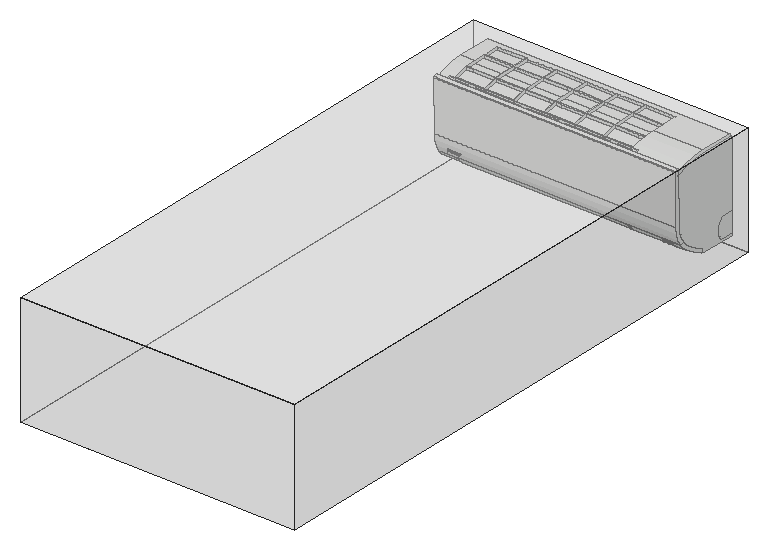
Revit family "outputfile", category 機械設備, Revit 2024 (continued)
Definition of nested family "DAIKIN_indoorunit_FTKF-CV1MW"
  Cuts and joins
    Extrusion 48, Extrusion 50 cuts Extrusion 38
    Extrusion 50 cuts Extrusion 49
    Extrusion 52, Extrusion 54 cuts Extrusion 2
    Extrusion 52, Extrusion 54 cuts Extrusion 6
    Extrusion 54 cuts Extrusion 53
    Extrusion 47 cuts Extrusion 46
  Lines and regions (mm)
    reference lines
      curve 1: line (-523, -203.827, -201.479) -> (-523, -197.847, -215.327)
      curve 2: line (-523, -218.956, -203.806) -> (-523, -217.93, -217.251)
      curve 3: line (-523, -253.284, -206.176) -> (-523, -252.024, -219.601)
  Dimensions and locks
    locked: Extrusion 9 sketch curve to Extrusion 9 sketch curve at 60
    locked: Extrusion 9 sketch curve to Extrusion 9 sketch curve at 50
    locked: Extrusion 11 sketch curve to Extrusion 11 sketch curve at 48.5
    equal spacing: plane 5, plane 3 "Center (Left/Right)", plane 4
    "Width": plane 5 to plane 4
    locked: Extrusion 8 sketch curve to plane 4 at 48
    "WALL HOLE-R": plane 5 to Extrusion 8 sketch curve
    "Height": plane 2 "reference_level" to plane 6
    locked: Extrusion 8 sketch curve to plane 6 at 45  (x2)
    Extrusion 13 to nested 2 = 36.0 mm
    locked: Extrusion 19 sketch curve to Extrusion 19 sketch curve at 60
    locked: Extrusion 20 sketch curve to Extrusion 20 sketch curve at 60
    Extrusion 21 sketch curve to Extrusion 21 sketch curve = 52.0 mm  (x2)
    Extrusion 11 sketch curve to Extrusion 11 sketch curve to plane 3 "Center (Left/Right)" = 60.0 mm locked, 286.0 mm locked
    plane 3 "Center (Left/Right)" to Extrusion 11 sketch curve to Extrusion 11 sketch curve = 259.0 mm locked, 60.0 mm locked
    Extrusion 21 sketch curve to Extrusion 21 sketch curve to plane 3 "Center (Left/Right)" to Extrusion 21 sketch curve to Extrusion 21 sketch curve = 60.0 mm, 309.0 mm, 309.0 mm, 60.0 mm
    Extrusion 42 sketch curve to plane 1 "Center (Front/Back)" = 61.8 mm
    Extrusion 42 sketch curve to Extrusion 42 sketch curve to plane 3 "Center (Left/Right)" to Extrusion 42 sketch curve to Extrusion 42 sketch curve = 73.5 mm locked, 395.5 mm locked, 395.5 mm locked, 73.5 mm locked
    aligned and locked: level to plane 2 "reference_level"
    aligned and locked: Extrusion 11 sketch curve to Extrusion 11 sketch curve  (x2)
    aligned and locked: Extrusion 8 to plane 1 "Center (Front/Back)"
    aligned and locked: nested 2 to curve 2
    aligned and locked: nested 3 to curve 3
    aligned and locked: Extrusion 42 sketch curve to Extrusion 42 sketch curve
  Automatic sketch dimensions
    Extrusion 4 sketch curve to plane 1 "Center (Front/Back)" = 0.0 mm
    plane 1 "Center (Front/Back)" to Extrusion 4 sketch curve = 2.596 mm
    plane 1 "Center (Front/Back)" to Extrusion 4 sketch curve = 22.05 mm
    Extrusion 4 sketch curve to level = 8.0 mm
    Extrusion 4 sketch curve to Extrusion 4 sketch curve = 87.469 mm
    Extrusion 4 sketch curve to Extrusion 4 sketch curve = 23.928 mm
    Extrusion 4 sketch curve to Extrusion 4 sketch curve = 26.307 mm
    Extrusion 4 sketch curve to Extrusion 4 sketch curve = 83.5 mm
    Extrusion 4 sketch curve to level = 28.539 mm
    Extrusion 4 sketch curve to Extrusion 4 sketch curve = 91.44 mm
    Extrusion 4 sketch curve to Extrusion 4 sketch curve = 12.229 mm
    Extrusion 4 sketch curve to Extrusion 4 sketch curve = 32.705 mm
    Extrusion 4 sketch curve to level = 43.491 mm
    Extrusion 4 sketch curve to Extrusion 4 sketch curve = 3.707 mm
    Extrusion 4 sketch curve to Extrusion 4 sketch curve = 52.472 mm
    Extrusion 4 sketch curve to Extrusion 4 sketch curve = 0.0 mm
    plane 1 "Center (Front/Back)" to Extrusion 5 sketch curve = 192.48 mm
    Extrusion 5 sketch curve to Extrusion 5 sketch curve = 11.872 mm
    Extrusion 5 sketch curve to Extrusion 5 sketch curve = 65.26 mm
    Extrusion 5 sketch curve to Extrusion 5 sketch curve = 0.31 mm  (x2)
    Extrusion 5 sketch curve to Extrusion 5 sketch curve = 66.449 mm
    plane 1 "Center (Front/Back)" to Extrusion 5 sketch curve = 22.36 mm
    Extrusion 5 sketch curve to level = 276.027 mm
    Extrusion 5 sketch curve to Extrusion 5 sketch curve = 10.915 mm
    Extrusion 5 sketch curve to Extrusion 5 sketch curve = 42.154 mm
    Extrusion 5 sketch curve to Extrusion 5 sketch curve = 1.37 mm
    Extrusion 5 sketch curve to Extrusion 5 sketch curve = 54.088 mm
    Extrusion 5 sketch curve to Extrusion 5 sketch curve = 0.0 mm  (x2)
    Extrusion 5 sketch curve to level = 43.491 mm
    plane 1 "Center (Front/Back)" to Extrusion 6 sketch curve = 192.48 mm
    Extrusion 6 sketch curve to Extrusion 6 sketch curve = 11.872 mm
    Extrusion 6 sketch curve to Extrusion 6 sketch curve = 65.26 mm
    Extrusion 6 sketch curve to Extrusion 6 sketch curve = 0.31 mm  (x2)
    Extrusion 6 sketch curve to Extrusion 6 sketch curve = 66.449 mm
    plane 1 "Center (Front/Back)" to Extrusion 6 sketch curve = 22.36 mm
    Extrusion 6 sketch curve to level = 276.027 mm
    Extrusion 6 sketch curve to Extrusion 6 sketch curve = 10.915 mm
    Extrusion 6 sketch curve to Extrusion 6 sketch curve = 42.154 mm
    Extrusion 6 sketch curve to Extrusion 6 sketch curve = 1.37 mm
    Extrusion 6 sketch curve to Extrusion 6 sketch curve = 54.088 mm
    Extrusion 6 sketch curve to Extrusion 6 sketch curve = 0.0 mm  (x2)
    Extrusion 6 sketch curve to level = 43.491 mm
    plane 1 "Center (Front/Back)" to Extrusion 7 sketch curve = 72.419 mm
    Extrusion 7 sketch curve to plane 3 "Center (Left/Right)" = 324.633 mm
    Extrusion 7 sketch curve to Extrusion 7 sketch curve = 0.0 mm  (x39)
    plane 1 "Center (Front/Back)" to Extrusion 7 sketch curve = 75.939 mm
    Extrusion 7 sketch curve to Extrusion 7 sketch curve = 20.633 mm  (x2)
    plane 1 "Center (Front/Back)" to Extrusion 7 sketch curve = 74.9 mm
    plane 1 "Center (Front/Back)" to Extrusion 7 sketch curve = 142.3 mm
    Extrusion 7 sketch curve to Extrusion 7 sketch curve = 24.633 mm
    Extrusion 7 sketch curve to Extrusion 7 sketch curve = 69.1 mm
    plane 1 "Center (Front/Back)" to Extrusion 7 sketch curve = 24.5 mm  (x4)
    Extrusion 7 sketch curve to Extrusion 7 sketch curve = 1.4 mm  (x23)
    Extrusion 7 sketch curve to Extrusion 7 sketch curve = 86.6 mm
    Extrusion 7 sketch curve to Extrusion 7 sketch curve = 70.6 mm
    Extrusion 7 sketch curve to Extrusion 7 sketch curve = 20.0 mm  (x4)
    plane 3 "Center (Left/Right)" to Extrusion 7 sketch curve = 36.5 mm  (x2)
    Extrusion 7 sketch curve to Extrusion 7 sketch curve = 87.0 mm
    Extrusion 7 sketch curve to Extrusion 7 sketch curve = 69.717 mm
    Extrusion 7 sketch curve to Extrusion 7 sketch curve = 1.026 mm
    Extrusion 7 sketch curve to Extrusion 7 sketch curve = 38.883 mm
    Extrusion 7 sketch curve to Extrusion 7 sketch curve = 39.104 mm
    Extrusion 7 sketch curve to Extrusion 7 sketch curve = 1.291 mm
    Extrusion 7 sketch curve to Extrusion 7 sketch curve = 1.048 mm  (x5)
    Extrusion 7 sketch curve to Extrusion 7 sketch curve = 41.2 mm
    Extrusion 7 sketch curve to Extrusion 7 sketch curve = 3.496 mm  (x2)
    Extrusion 7 sketch curve to Extrusion 7 sketch curve = 3.508 mm
    Extrusion 7 sketch curve to Extrusion 7 sketch curve = 63.904 mm
    Extrusion 7 sketch curve to Extrusion 7 sketch curve = 66.0 mm
    Extrusion 7 sketch curve to Extrusion 7 sketch curve = 3.386 mm
    Extrusion 9 sketch curve to plane 1 "Center (Front/Back)" = 0.0 mm
    Extrusion 9 sketch curve to Extrusion 9 sketch curve = 20.0 mm  (x2)
    Extrusion 9 sketch curve to level = 273.0 mm
    plane 1 "Center (Front/Back)" to Extrusion 11 sketch curve = 0.0 mm
    Extrusion 11 sketch curve to Extrusion 11 sketch curve = 18.5 mm  (x3)
    Extrusion 11 sketch curve to Extrusion 11 sketch curve = 23.0 mm
    Extrusion 12 sketch curve to level = 0.0 mm
    Extrusion 12 sketch curve to plane 1 "Center (Front/Back)" = 0.0 mm
    plane 1 "Center (Front/Back)" to Extrusion 12 sketch curve = 5.0 mm
    Extrusion 12 sketch curve to plane 1 "Center (Front/Back)" = 14.977 mm
    Extrusion 12 sketch curve to level = 9.02 mm
    Extrusion 12 sketch curve to level = 11.0 mm
    level to Extrusion 12 sketch curve = 9.314 mm
    plane 1 "Center (Front/Back)" to Extrusion 14 sketch curve = 23.5 mm  (x3)
    Extrusion 14 sketch curve to plane 3 "Center (Left/Right)" = 355.499 mm
    Extrusion 14 sketch curve to Extrusion 14 sketch curve = 0.0 mm  (x34)
    Extrusion 14 sketch curve to Extrusion 14 sketch curve = 101.5 mm
    Extrusion 14 sketch curve to Extrusion 14 sketch curve = 2.6 mm  (x8)
    Extrusion 14 sketch curve to Extrusion 14 sketch curve = 99.5 mm  (x2)
    Extrusion 14 sketch curve to plane 3 "Center (Left/Right)" = 54.549 mm
    Extrusion 14 sketch curve to Extrusion 14 sketch curve = 12.0 mm  (x7)
    plane 3 "Center (Left/Right)" to Extrusion 14 sketch curve = 52.301 mm  (x2)
    Extrusion 14 sketch curve to Extrusion 14 sketch curve = 73.2 mm  (x2)
    Extrusion 14 sketch curve to Extrusion 14 sketch curve = 2.4 mm  (x6)
    Extrusion 14 sketch curve to Extrusion 14 sketch curve = 71.0 mm  (x3)
    Extrusion 14 sketch curve to Extrusion 14 sketch curve = 1.6 mm  (x6)
    Extrusion 14 sketch curve to Extrusion 14 sketch curve = 30.0 mm  (x3)
    plane 1 "Center (Front/Back)" to Extrusion 15 sketch curve = 194.856 mm
    Extrusion 15 sketch curve to Extrusion 15 sketch curve = 9.074 mm
    Extrusion 15 sketch curve to Extrusion 15 sketch curve = 86.508 mm
    level to Extrusion 15 sketch curve = 11.72 mm
    plane 1 "Center (Front/Back)" to Extrusion 15 sketch curve = 52.895 mm
    Extrusion 15 sketch curve to Extrusion 15 sketch curve = 0.004 mm
    Extrusion 15 sketch curve to Extrusion 15 sketch curve = 0.033 mm
    Extrusion 15 sketch curve to level = 244.604 mm
    Extrusion 15 sketch curve to Extrusion 15 sketch curve = 7.382 mm
    plane 1 "Center (Front/Back)" to Extrusion 16 sketch curve = 194.856 mm
    Extrusion 16 sketch curve to Extrusion 16 sketch curve = 9.074 mm
    Extrusion 16 sketch curve to Extrusion 16 sketch curve = 86.508 mm
    level to Extrusion 16 sketch curve = 11.72 mm
    plane 1 "Center (Front/Back)" to Extrusion 16 sketch curve = 52.895 mm
    Extrusion 16 sketch curve to Extrusion 16 sketch curve = 0.004 mm
    Extrusion 16 sketch curve to level = 244.604 mm
    Extrusion 16 sketch curve to Extrusion 16 sketch curve = 7.382 mm
    Extrusion 16 sketch curve to Extrusion 16 sketch curve = 10.901 mm
    plane 1 "Center (Front/Back)" to Extrusion 17 sketch curve = 194.856 mm
    Extrusion 17 sketch curve to Extrusion 17 sketch curve = 9.074 mm
    Extrusion 17 sketch curve to Extrusion 17 sketch curve = 86.508 mm
    level to Extrusion 17 sketch curve = 11.72 mm
    plane 1 "Center (Front/Back)" to Extrusion 17 sketch curve = 52.895 mm
    Extrusion 17 sketch curve to Extrusion 17 sketch curve = 0.004 mm
    Extrusion 17 sketch curve to level = 244.604 mm
    Extrusion 17 sketch curve to Extrusion 17 sketch curve = 7.382 mm
    Extrusion 17 sketch curve to Extrusion 17 sketch curve = 10.901 mm
    Extrusion 19 sketch curve to plane 1 "Center (Front/Back)" = 0.0 mm
    Extrusion 19 sketch curve to Extrusion 19 sketch curve = 32.8 mm
    plane 1 "Center (Front/Back)" to Extrusion 19 sketch curve = 32.8 mm
    Extrusion 19 sketch curve to Extrusion 19 sketch curve = 19.2 mm
    Extrusion 19 sketch curve to level = 269.6 mm
    Extrusion 20 sketch curve to plane 1 "Center (Front/Back)" = 0.0 mm
    Extrusion 20 sketch curve to Extrusion 20 sketch curve = 32.8 mm  (x2)
    Extrusion 20 sketch curve to Extrusion 20 sketch curve = 19.2 mm
    Extrusion 20 sketch curve to level = 269.6 mm
    plane 1 "Center (Front/Back)" to Extrusion 21 sketch curve = 0.0 mm  (x2)
    Extrusion 21 sketch curve to Extrusion 21 sketch curve = 20.0 mm  (x4)
    Extrusion 22 sketch curve to plane 3 "Center (Left/Right)" = 339.0 mm
    plane 3 "Center (Left/Right)" to Extrusion 22 sketch curve = 231.0 mm
    plane 1 "Center (Front/Back)" to Extrusion 22 sketch curve = 202.769 mm
    Extrusion 22 sketch curve to Extrusion 22 sketch curve = 17.012 mm
    Extrusion 23 sketch curve to plane 3 "Center (Left/Right)" = 339.0 mm
    Extrusion 23 sketch curve to Extrusion 23 sketch curve = 15.0 mm  (x2)
    plane 3 "Center (Left/Right)" to Extrusion 23 sketch curve = 216.0 mm
    plane 1 "Center (Front/Back)" to Extrusion 23 sketch curve = 202.757 mm  (x2)
    Extrusion 23 sketch curve to Extrusion 23 sketch curve = 17.0 mm  (x2)
    Extrusion 24 sketch curve to plane 3 "Center (Left/Right)" = 324.0 mm
    Extrusion 24 sketch curve to Extrusion 24 sketch curve = 43.629 mm
    Extrusion 24 sketch curve to Extrusion 24 sketch curve = 1.5 mm  (x9)
    Extrusion 24 sketch curve to Extrusion 24 sketch curve = 21.542 mm  (x3)
    Extrusion 24 sketch curve to plane 3 "Center (Left/Right)" = 123.621 mm
    Extrusion 24 sketch curve to plane 3 "Center (Left/Right)" = 9.121 mm
    plane 3 "Center (Left/Right)" to Extrusion 24 sketch curve = 13.921 mm
    Extrusion 24 sketch curve to Extrusion 24 sketch curve = 132.208 mm
    Extrusion 24 sketch curve to Extrusion 24 sketch curve = 43.829 mm
    plane 1 "Center (Front/Back)" to Extrusion 24 sketch curve = 202.757 mm
    plane 1 "Center (Front/Back)" to Extrusion 24 sketch curve = 195.757 mm
    Extrusion 24 sketch curve to Extrusion 24 sketch curve = 7.0 mm  (x2)
    Extrusion 24 sketch curve to Extrusion 24 sketch curve = 3.5 mm  (x4)
    Extrusion 24 sketch curve to Extrusion 24 sketch curve = 12.0 mm
    Extrusion 26 sketch curve to plane 3 "Center (Left/Right)" = 373.412 mm
    Extrusion 26 sketch curve to Extrusion 26 sketch curve = 1.011 mm
    Extrusion 26 sketch curve to Extrusion 26 sketch curve = 15.228 mm
    Extrusion 26 sketch curve to Extrusion 26 sketch curve = 0.132 mm
    plane 3 "Center (Left/Right)" to Extrusion 26 sketch curve = 259.015 mm
    Extrusion 26 sketch curve to Extrusion 26 sketch curve = 0.133 mm
    Extrusion 26 sketch curve to Extrusion 26 sketch curve = 15.197 mm
    Extrusion 26 sketch curve to Extrusion 26 sketch curve = 16.358 mm
    plane 1 "Center (Front/Back)" to Extrusion 26 sketch curve = 238.673 mm
    Extrusion 26 sketch curve to Extrusion 26 sketch curve = 34.983 mm
    Extrusion 26 sketch curve to Extrusion 26 sketch curve = 3.79 mm  (x2)
    plane 3 "Center (Left/Right)" to Extrusion 26 sketch curve = 247.689 mm
    plane 1 "Center (Front/Back)" to Extrusion 26 sketch curve = 58.091 mm
    Extrusion 27 sketch curve to plane 3 "Center (Left/Right)" = 373.099 mm
    Extrusion 27 sketch curve to Extrusion 27 sketch curve = 0.698 mm
    Extrusion 27 sketch curve to Extrusion 27 sketch curve = 15.228 mm
    Extrusion 27 sketch curve to Extrusion 27 sketch curve = 0.132 mm
    Extrusion 27 sketch curve to Extrusion 27 sketch curve = 1.99 mm
    plane 3 "Center (Left/Right)" to Extrusion 27 sketch curve = 257.001 mm
    Extrusion 27 sketch curve to Extrusion 27 sketch curve = 2.014 mm
    Extrusion 27 sketch curve to Extrusion 27 sketch curve = 0.133 mm
    Extrusion 27 sketch curve to Extrusion 27 sketch curve = 15.196 mm
    Extrusion 27 sketch curve to Extrusion 27 sketch curve = 18.053 mm
    plane 1 "Center (Front/Back)" to Extrusion 27 sketch curve = 226.673 mm  (x2)
    Extrusion 27 sketch curve to Extrusion 27 sketch curve = 22.983 mm  (x2)
    Extrusion 27 sketch curve to Extrusion 27 sketch curve = 3.79 mm  (x2)
    Extrusion 28 sketch curve to plane 3 "Center (Left/Right)" = 355.05 mm
    plane 3 "Center (Left/Right)" to Extrusion 28 sketch curve = 257.001 mm
    plane 1 "Center (Front/Back)" to Extrusion 28 sketch curve = 226.673 mm
    Extrusion 28 sketch curve to Extrusion 28 sketch curve = 22.983 mm
    Extrusion 29 sketch curve to level = 0.0 mm
    Extrusion 29 sketch curve to level = 30.0 mm
    plane 1 "Center (Front/Back)" to Extrusion 29 sketch curve = 238.673 mm
    Extrusion 29 sketch curve to Extrusion 29 sketch curve = 38.773 mm
    Extrusion 29 sketch curve to Extrusion 29 sketch curve = 0.0 mm  (x2)
    plane 1 "Center (Front/Back)" to Extrusion 29 sketch curve = 45.84 mm
    Extrusion 29 sketch curve to plane 1 "Center (Front/Back)" = 14.977 mm
    Extrusion 29 sketch curve to Extrusion 29 sketch curve = 994.66 mm
    Extrusion 29 sketch curve to Extrusion 29 sketch curve = 0.163 mm
    Extrusion 29 sketch curve to Extrusion 29 sketch curve = 7.224 mm
    Extrusion 29 sketch curve to level = 11.646 mm
    level to Extrusion 29 sketch curve = 9.314 mm
    Extrusion 29 sketch curve to Extrusion 29 sketch curve = 13.398 mm
    Extrusion 30 sketch curve to Extrusion 30 sketch curve = 0.0 mm  (x2)
    plane 1 "Center (Front/Back)" to Extrusion 30 sketch curve = 189.887 mm
    Extrusion 30 sketch curve to Extrusion 30 sketch curve = 11.307 mm
    Extrusion 30 sketch curve to Extrusion 30 sketch curve = 46.464 mm
    Extrusion 30 sketch curve to Extrusion 30 sketch curve = 21.724 mm
    Extrusion 30 sketch curve to level = 277.1 mm
    Extrusion 30 sketch curve to Extrusion 30 sketch curve = 22.499 mm
    Extrusion 31 sketch curve to Extrusion 31 sketch curve = 0.0 mm  (x2)
    plane 1 "Center (Front/Back)" to Extrusion 31 sketch curve = 189.887 mm
    Extrusion 31 sketch curve to Extrusion 31 sketch curve = 11.307 mm
    Extrusion 31 sketch curve to Extrusion 31 sketch curve = 46.464 mm
    Extrusion 31 sketch curve to Extrusion 31 sketch curve = 21.724 mm
    Extrusion 31 sketch curve to level = 277.1 mm
    Extrusion 31 sketch curve to Extrusion 31 sketch curve = 22.499 mm
    Extrusion 32 sketch curve to Extrusion 32 sketch curve = 0.0 mm  (x2)
    plane 1 "Center (Front/Back)" to Extrusion 32 sketch curve = 185.929 mm
    Extrusion 32 sketch curve to Extrusion 32 sketch curve = 6.899 mm
    Extrusion 32 sketch curve to Extrusion 32 sketch curve = 9.219 mm
    Extrusion 32 sketch curve to Extrusion 32 sketch curve = 7.915 mm
    Extrusion 32 sketch curve to level = 264.005 mm
    Extrusion 32 sketch curve to Extrusion 32 sketch curve = 7.405 mm
    Extrusion 33 sketch curve to Extrusion 33 sketch curve = 0.0 mm  (x2)
    plane 1 "Center (Front/Back)" to Extrusion 33 sketch curve = 185.929 mm
    Extrusion 33 sketch curve to Extrusion 33 sketch curve = 6.899 mm
    Extrusion 33 sketch curve to Extrusion 33 sketch curve = 9.219 mm
    Extrusion 33 sketch curve to Extrusion 33 sketch curve = 7.915 mm
    Extrusion 33 sketch curve to level = 264.005 mm
    Extrusion 33 sketch curve to Extrusion 33 sketch curve = 7.405 mm
    plane 1 "Center (Front/Back)" to Extrusion 36 sketch curve = 233.849 mm
    Extrusion 36 sketch curve to Extrusion 36 sketch curve = 11.574 mm
    Extrusion 36 sketch curve to Extrusion 36 sketch curve = 106.825 mm
    Extrusion 36 sketch curve to Extrusion 36 sketch curve = 0.0 mm
    level to Extrusion 36 sketch curve = 3.941 mm
    plane 1 "Center (Front/Back)" to Extrusion 36 sketch curve = 90.201 mm
    Extrusion 36 sketch curve to Extrusion 36 sketch curve = 0.002 mm
    Extrusion 36 sketch curve to Extrusion 36 sketch curve = 0.776 mm
    Extrusion 36 sketch curve to level = 250.06 mm
    Extrusion 36 sketch curve to Extrusion 36 sketch curve = 9.301 mm
    Extrusion 36 sketch curve to Extrusion 36 sketch curve = 31.169 mm
    Extrusion 36 sketch curve to Extrusion 36 sketch curve = 13.702 mm
    Extrusion 36 sketch curve to Extrusion 36 sketch curve = 27.641 mm
    plane 1 "Center (Front/Back)" to Extrusion 37 sketch curve = 233.849 mm
    Extrusion 37 sketch curve to Extrusion 37 sketch curve = 11.574 mm
    Extrusion 37 sketch curve to Extrusion 37 sketch curve = 106.825 mm
    Extrusion 37 sketch curve to Extrusion 37 sketch curve = 0.0 mm
    level to Extrusion 37 sketch curve = 3.941 mm
    plane 1 "Center (Front/Back)" to Extrusion 37 sketch curve = 90.201 mm
    Extrusion 37 sketch curve to Extrusion 37 sketch curve = 0.002 mm
    Extrusion 37 sketch curve to Extrusion 37 sketch curve = 0.776 mm
    Extrusion 37 sketch curve to level = 250.06 mm
    Extrusion 37 sketch curve to Extrusion 37 sketch curve = 9.301 mm
    Extrusion 37 sketch curve to Extrusion 37 sketch curve = 31.169 mm
    Extrusion 37 sketch curve to Extrusion 37 sketch curve = 13.702 mm
    Extrusion 37 sketch curve to Extrusion 37 sketch curve = 27.641 mm
    plane 1 "Center (Front/Back)" to Extrusion 38 sketch curve = 233.849 mm
    Extrusion 38 sketch curve to Extrusion 38 sketch curve = 11.574 mm
    Extrusion 38 sketch curve to Extrusion 38 sketch curve = 106.825 mm
    Extrusion 38 sketch curve to Extrusion 38 sketch curve = 0.0 mm
    level to Extrusion 38 sketch curve = 3.941 mm
    plane 1 "Center (Front/Back)" to Extrusion 38 sketch curve = 90.201 mm
    Extrusion 38 sketch curve to Extrusion 38 sketch curve = 0.002 mm
    Extrusion 38 sketch curve to Extrusion 38 sketch curve = 0.776 mm
    Extrusion 38 sketch curve to level = 250.06 mm
    Extrusion 38 sketch curve to Extrusion 38 sketch curve = 9.301 mm
    Extrusion 38 sketch curve to Extrusion 38 sketch curve = 31.169 mm
    Extrusion 38 sketch curve to Extrusion 38 sketch curve = 13.702 mm
    Extrusion 38 sketch curve to Extrusion 38 sketch curve = 27.641 mm
    Extrusion 40 sketch curve to plane 1 "Center (Front/Back)" = 0.0 mm
    plane 1 "Center (Front/Back)" to Extrusion 40 sketch curve = 41.8 mm
    Extrusion 40 sketch curve to Extrusion 40 sketch curve = 0.0 mm  (x2)
    Extrusion 40 sketch curve to Extrusion 40 sketch curve = 20.0 mm
    Extrusion 40 sketch curve to level = 275.5 mm
    Extrusion 40 sketch curve to Extrusion 40 sketch curve = 33.5 mm
    Extrusion 41 sketch curve to plane 1 "Center (Front/Back)" = 0.0 mm
    plane 1 "Center (Front/Back)" to Extrusion 41 sketch curve = 41.8 mm
    Extrusion 41 sketch curve to Extrusion 41 sketch curve = 0.0 mm
    Extrusion 41 sketch curve to Extrusion 41 sketch curve = 20.0 mm
    Extrusion 41 sketch curve to level = 202.0 mm
    Extrusion 41 sketch curve to Extrusion 41 sketch curve = 33.5 mm
    plane 1 "Center (Front/Back)" to Extrusion 42 sketch curve = 0.0 mm  (x2)
    Extrusion 42 sketch curve to Extrusion 42 sketch curve = 20.0 mm  (x4)
    plane 3 "Center (Left/Right)" to Extrusion 44 sketch curve = 380.0 mm
    Extrusion 46 sketch curve to plane 3 "Center (Left/Right)" = 466.5 mm
    plane 3 "Center (Left/Right)" to Extrusion 46 sketch curve = 366.0 mm
    plane 1 "Center (Front/Back)" to Extrusion 46 sketch curve = 264.436 mm
    Extrusion 46 sketch curve to Extrusion 46 sketch curve = 25.436 mm
    Extrusion 47 sketch curve to level = 33.272 mm
    Extrusion 47 sketch curve to level = 22.853 mm
    level to Extrusion 47 sketch curve = 5.0 mm
    Extrusion 48 sketch curve to Extrusion 48 sketch curve = 20.148 mm
    Extrusion 48 sketch curve to Extrusion 48 sketch curve = 44.745 mm
    Extrusion 48 sketch curve to Extrusion 48 sketch curve = 22.502 mm
    level to Extrusion 48 sketch curve = 6.546 mm
    plane 1 "Center (Front/Back)" to Extrusion 48 sketch curve = 89.423 mm
    Extrusion 48 sketch curve to Extrusion 48 sketch curve = 0.0 mm  (x2)
    Extrusion 48 sketch curve to Extrusion 48 sketch curve = 11.127 mm
    Extrusion 49 sketch curve to Extrusion 49 sketch curve = 0.0 mm  (x2)
    level to Extrusion 49 sketch curve = 6.546 mm
    plane 1 "Center (Front/Back)" to Extrusion 49 sketch curve = 89.423 mm
    Extrusion 49 sketch curve to level = 261.498 mm
    Extrusion 49 sketch curve to Extrusion 49 sketch curve = 11.127 mm
    Extrusion 49 sketch curve to Extrusion 49 sketch curve = 64.893 mm
    Extrusion 49 sketch curve to Extrusion 49 sketch curve = 20.148 mm
    Extrusion 50 sketch curve to Extrusion 50 sketch curve = 8.97 mm
    Extrusion 50 sketch curve to Extrusion 50 sketch curve = 7.404 mm
    level to Extrusion 50 sketch curve = 6.546 mm
    Extrusion 50 sketch curve to Extrusion 50 sketch curve = 6.785 mm
    Extrusion 50 sketch curve to Extrusion 50 sketch curve = 7.726 mm
    Extrusion 50 sketch curve to Extrusion 50 sketch curve = 0.0 mm  (x2)
    plane 1 "Center (Front/Back)" to Extrusion 50 sketch curve = 89.423 mm
    Extrusion 51 sketch curve to Extrusion 51 sketch curve = 0.0 mm  (x2)
    level to Extrusion 51 sketch curve = 6.546 mm
    plane 1 "Center (Front/Back)" to Extrusion 51 sketch curve = 89.423 mm
    Extrusion 51 sketch curve to level = 263.5 mm
    Extrusion 51 sketch curve to Extrusion 51 sketch curve = 6.785 mm
    Extrusion 51 sketch curve to Extrusion 51 sketch curve = 16.697 mm
    Extrusion 51 sketch curve to Extrusion 51 sketch curve = 7.726 mm
    Extrusion 10 sketch curve to plane 1 "Center (Front/Back)" = 0.0 mm
    plane 1 "Center (Front/Back)" to Extrusion 10 sketch curve = 30.0 mm
    Extrusion 10 sketch curve to Extrusion 10 sketch curve = 0.0 mm
    Extrusion 10 sketch curve to Extrusion 10 sketch curve = 20.0 mm  (x2)
    Extrusion 10 sketch curve to level = 273.0 mm
    Extrusion 3 sketch curve to level = 13.692 mm
    plane 1 "Center (Front/Back)" to Extrusion 3 sketch curve = 211.618 mm
    Extrusion 3 sketch curve to Extrusion 3 sketch curve = 0.618 mm
    Extrusion 3 sketch curve to Extrusion 3 sketch curve = 1.902 mm
    Extrusion 3 sketch curve to Extrusion 3 sketch curve = 2.0 mm
    Extrusion 3 sketch curve to level = 10.816 mm
    Extrusion 3 sketch curve to Extrusion 3 sketch curve = 8.849 mm
    Extrusion 3 sketch curve to Extrusion 3 sketch curve = 2.652 mm
    Extrusion 3 sketch curve to Extrusion 3 sketch curve = 151.871 mm
    Extrusion 3 sketch curve to Extrusion 3 sketch curve = 95.0 mm
    Extrusion 3 sketch curve to Extrusion 3 sketch curve = 10.31 mm
    Extrusion 3 sketch curve to Extrusion 3 sketch curve = 6.572 mm
    Extrusion 3 sketch curve to Extrusion 3 sketch curve = 0.097 mm
    Extrusion 3 sketch curve to Extrusion 3 sketch curve = 0.31 mm
    Extrusion 3 sketch curve to Extrusion 3 sketch curve = 11.812 mm
    plane 1 "Center (Front/Back)" to Extrusion 2 sketch curve = 115.348 mm
    plane 1 "Center (Front/Back)" to Extrusion 2 sketch curve = 22.36 mm
    Extrusion 2 sketch curve to level = 167.5 mm
    Extrusion 2 sketch curve to level = 43.491 mm
    Extrusion 2 sketch curve to Extrusion 2 sketch curve = 1.189 mm
    Extrusion 2 sketch curve to Extrusion 2 sketch curve = 58.182 mm
    Extrusion 2 sketch curve to Extrusion 2 sketch curve = 0.0 mm  (x4)
    Extrusion 2 sketch curve to Extrusion 2 sketch curve = 20.14 mm
    Extrusion 2 sketch curve to Extrusion 2 sketch curve = 0.31 mm  (x2)
    Extrusion 2 sketch curve to Extrusion 2 sketch curve = 11.872 mm
    Extrusion 2 sketch curve to Extrusion 2 sketch curve = 6.31 mm
    Extrusion 52 sketch curve to Extrusion 52 sketch curve = 0.0 mm  (x5)
    Extrusion 52 sketch curve to Extrusion 52 sketch curve = 52.75 mm
    plane 1 "Center (Front/Back)" to Extrusion 52 sketch curve = 22.36 mm
    Extrusion 52 sketch curve to Extrusion 52 sketch curve = 35.994 mm
    Extrusion 52 sketch curve to Extrusion 52 sketch curve = 64.506 mm
    Extrusion 52 sketch curve to level = 43.491 mm
    Extrusion 52 sketch curve to Extrusion 52 sketch curve = 6.981 mm
    Extrusion 52 sketch curve to Extrusion 52 sketch curve = 5.769 mm
    Extrusion 52 sketch curve to Extrusion 52 sketch curve = 3.0 mm
    Extrusion 52 sketch curve to Extrusion 52 sketch curve = 11.895 mm
    plane 1 "Center (Front/Back)" to Extrusion 53 sketch curve = 22.36 mm
    Extrusion 53 sketch curve to level = 43.491 mm
    Extrusion 53 sketch curve to Extrusion 53 sketch curve = 5.097 mm
    Extrusion 53 sketch curve to Extrusion 53 sketch curve = 48.896 mm
    Extrusion 53 sketch curve to Extrusion 53 sketch curve = 0.0 mm  (x6)
    Extrusion 53 sketch curve to Extrusion 53 sketch curve = 8.769 mm
    Extrusion 53 sketch curve to Extrusion 53 sketch curve = 11.895 mm
    Extrusion 53 sketch curve to Extrusion 53 sketch curve = 6.981 mm
    Extrusion 53 sketch curve to Extrusion 53 sketch curve = 3.0 mm
    Extrusion 54 sketch curve to Extrusion 54 sketch curve = 0.0 mm  (x6)
    Extrusion 54 sketch curve to Extrusion 54 sketch curve = 9.206 mm
    Extrusion 54 sketch curve to Extrusion 54 sketch curve = 61.422 mm
    plane 1 "Center (Front/Back)" to Extrusion 54 sketch curve = 22.36 mm
    Extrusion 54 sketch curve to Extrusion 54 sketch curve = 11.007 mm
    Extrusion 54 sketch curve to level = 43.491 mm
    Extrusion 54 sketch curve to Extrusion 54 sketch curve = 4.409 mm
    Extrusion 54 sketch curve to Extrusion 54 sketch curve = 1.8 mm
    Extrusion 54 sketch curve to Extrusion 54 sketch curve = 5.228 mm
    Extrusion 55 sketch curve to Extrusion 55 sketch curve = 61.422 mm
    Extrusion 55 sketch curve to level = 235.993 mm
    Extrusion 55 sketch curve to Extrusion 55 sketch curve = 4.409 mm
    Extrusion 55 sketch curve to Extrusion 55 sketch curve = 6.229 mm
    plane 1 "Center (Front/Back)" to Extrusion 55 sketch curve = 22.36 mm
    Extrusion 55 sketch curve to Extrusion 55 sketch curve = 0.0 mm  (x6)
    Extrusion 55 sketch curve to Extrusion 55 sketch curve = 8.205 mm
    Extrusion 55 sketch curve to Extrusion 55 sketch curve = 5.228 mm
    Extrusion 55 sketch curve to Extrusion 55 sketch curve = 1.8 mm
    Extrusion 25 sketch curve to Extrusion 25 sketch curve = 0.0 mm  (x4)
    Extrusion 25 sketch curve to level = 0.0 mm
    Extrusion 25 sketch curve to level = 35.0 mm
    plane 1 "Center (Front/Back)" to Extrusion 25 sketch curve = 205.202 mm
    Extrusion 25 sketch curve to Extrusion 25 sketch curve = 19.445 mm
    plane 1 "Center (Front/Back)" to Extrusion 25 sketch curve = 104.232 mm
    Extrusion 25 sketch curve to Extrusion 25 sketch curve = 209.941 mm
    Extrusion 25 sketch curve to Extrusion 25 sketch curve = 4.474 mm
    Extrusion 25 sketch curve to Extrusion 25 sketch curve = 8.811 mm
    Extrusion 12 sketch curve to Extrusion 12 sketch curve = 1.396 mm
    plane 1 "Center (Front/Back)" to Extrusion 12 sketch curve = 45.84 mm
    Extrusion 12 sketch curve to Extrusion 12 sketch curve = 0.0 mm
    Extrusion 12 sketch curve to Extrusion 12 sketch curve = 0.163 mm
    Extrusion 12 sketch curve to level = 26.758 mm
    Extrusion 18 sketch curve to plane 1 "Center (Front/Back)" = 0.0 mm
    level to Extrusion 18 sketch curve = 4.099 mm
    Extrusion 18 sketch curve to Extrusion 18 sketch curve = 0.857 mm
    Extrusion 18 sketch curve to Extrusion 18 sketch curve = 6.16 mm
    Extrusion 18 sketch curve to Extrusion 18 sketch curve = 46.473 mm
    Extrusion 18 sketch curve to Extrusion 18 sketch curve = 0.052 mm
    Extrusion 18 sketch curve to Extrusion 18 sketch curve = 69.066 mm
    Extrusion 18 sketch curve to Extrusion 18 sketch curve = 29.316 mm
    Extrusion 18 sketch curve to level = 26.762 mm
    Extrusion 18 sketch curve to Extrusion 18 sketch curve = 178.061 mm
    Extrusion 18 sketch curve to Extrusion 18 sketch curve = 4.015 mm
    Extrusion 18 sketch curve to Extrusion 18 sketch curve = 52.325 mm
    Extrusion 18 sketch curve to Extrusion 18 sketch curve = 11.703 mm
    Extrusion 18 sketch curve to Extrusion 18 sketch curve = 3.729 mm
    Extrusion 18 sketch curve to Extrusion 18 sketch curve = 7.779 mm
    Extrusion 18 sketch curve to level = 11.0 mm
    plane 1 "Center (Front/Back)" to Extrusion 18 sketch curve = 45.84 mm
    Extrusion 13 sketch curve to level = 15.416 mm
    plane 1 "Center (Front/Back)" to Extrusion 13 sketch curve = 197.648 mm
    Extrusion 13 sketch curve to Extrusion 13 sketch curve = 21.851 mm
    Extrusion 13 sketch curve to Extrusion 13 sketch curve = 8.255 mm
    plane 1 "Center (Front/Back)" to Extrusion 13 sketch curve = 46.245 mm
    Extrusion 13 sketch curve to Extrusion 13 sketch curve = 6.169 mm
    Extrusion 13 sketch curve to Extrusion 13 sketch curve = 10.292 mm
    Extrusion 13 sketch curve to Extrusion 13 sketch curve = 0.363 mm
    Extrusion 13 sketch curve to Extrusion 13 sketch curve = 1.994 mm
    Extrusion 13 sketch curve to Extrusion 13 sketch curve = 5.69 mm
    Extrusion 13 sketch curve to Extrusion 13 sketch curve = 20.433 mm
    Extrusion 13 sketch curve to Extrusion 13 sketch curve = 0.0 mm  (x3)
    Extrusion 13 sketch curve to Extrusion 13 sketch curve = 1.84 mm
    Extrusion 13 sketch curve to Extrusion 13 sketch curve = 9.251 mm
    Extrusion 13 sketch curve to Extrusion 13 sketch curve = 6.958 mm
    Extrusion 13 sketch curve to Extrusion 13 sketch curve = 0.157 mm
    Extrusion 13 sketch curve to level = 12.416 mm
    Extrusion 13 sketch curve to Extrusion 13 sketch curve = 201.658 mm
    Extrusion 34 sketch curve to plane 1 "Center (Front/Back)" = 0.0 mm
    Extrusion 34 sketch curve to level = 9.411 mm
    level to Extrusion 34 sketch curve = 0.0 mm
    plane 1 "Center (Front/Back)" to Extrusion 34 sketch curve = 5.217 mm
    Extrusion 34 sketch curve to Extrusion 34 sketch curve = 1.455 mm
    Extrusion 34 sketch curve to level = 10.748 mm
    Extrusion 34 sketch curve to Extrusion 34 sketch curve = 76.023 mm
    Extrusion 34 sketch curve to Extrusion 34 sketch curve = 0.06 mm
    Extrusion 34 sketch curve to level = 288.701 mm
    Extrusion 34 sketch curve to level = 18.596 mm
    Extrusion 34 sketch curve to Extrusion 34 sketch curve = 1.224 mm
    Extrusion 34 sketch curve to Extrusion 34 sketch curve = 3.693 mm
    Extrusion 34 sketch curve to level = 29.099 mm
    Extrusion 34 sketch curve to Extrusion 34 sketch curve = 1.436 mm
    Extrusion 35 sketch curve to plane 1 "Center (Front/Back)" = 0.0 mm
    plane 1 "Center (Front/Back)" to Extrusion 35 sketch curve = 61.8 mm
    Extrusion 35 sketch curve to level = 11.0 mm
    plane 1 "Center (Front/Back)" to Extrusion 35 sketch curve = 61.32 mm
    Extrusion 35 sketch curve to Extrusion 35 sketch curve = 52.85 mm
    Extrusion 35 sketch curve to Extrusion 35 sketch curve = 286.0 mm
    Extrusion 35 sketch curve to Extrusion 35 sketch curve = 2.004 mm
    Extrusion 35 sketch curve to Extrusion 35 sketch curve = 14.501 mm
    plane 1 "Center (Front/Back)" to Extrusion 35 sketch curve = 82.524 mm
    Extrusion 35 sketch curve to level = 29.099 mm
    Extrusion 35 sketch curve to level = 222.656 mm
    Extrusion 35 sketch curve to Extrusion 35 sketch curve = 43.948 mm
    Extrusion 35 sketch curve to Extrusion 35 sketch curve = 6.011 mm
    Extrusion 35 sketch curve to Extrusion 35 sketch curve = 14.16 mm
    level to Extrusion 35 sketch curve = 3.956 mm
    Extrusion 35 sketch curve to Extrusion 35 sketch curve = 28.88 mm
    Extrusion 35 sketch curve to Extrusion 35 sketch curve = 602.782 mm
    plane 1 "Center (Front/Back)" to Extrusion 39 sketch curve = 234.424 mm
    level to Extrusion 39 sketch curve = 23.59 mm
    plane 1 "Center (Front/Back)" to Extrusion 39 sketch curve = 83.906 mm
    Extrusion 39 sketch curve to level = 258.8 mm
    Extrusion 39 sketch curve to Extrusion 39 sketch curve = 14.508 mm
    Extrusion 39 sketch curve to Extrusion 39 sketch curve = 11.757 mm
    Extrusion 39 sketch curve to Extrusion 39 sketch curve = 9.554 mm
    Extrusion 39 sketch curve to Extrusion 39 sketch curve = 13.936 mm
    Extrusion 39 sketch curve to Extrusion 39 sketch curve = 26.899 mm
    Extrusion 39 sketch curve to Extrusion 39 sketch curve = 6.12 mm
    Extrusion 39 sketch curve to level = 18.854 mm
    Extrusion 39 sketch curve to level = 21.943 mm
    Extrusion 39 sketch curve to Extrusion 39 sketch curve = 7.064 mm
    plane 1 "Center (Front/Back)" to Extrusion 39 sketch curve = 81.184 mm
    Extrusion 39 sketch curve to Extrusion 39 sketch curve = 3.033 mm
    Extrusion 39 sketch curve to Extrusion 39 sketch curve = 0.318 mm
    Extrusion 39 sketch curve to Extrusion 39 sketch curve = 0.0 mm
    Extrusion 39 sketch curve to Extrusion 39 sketch curve = 1.499 mm
    curve 3 to level = 219.601 mm
    plane 1 "Center (Front/Back)" to curve 1 = 197.847 mm
    curve 3 to curve 2 = 2.35 mm
    curve 2 to curve 1 = 1.924 mm
    curve 3 to curve 3 = 13.425 mm
    curve 2 to curve 2 = 13.445 mm
    curve 1 to curve 1 = 13.848 mm
    curve 1 to curve 1 = 5.98 mm
    curve 1 to curve 2 = 20.083 mm
    curve 2 to curve 2 = 1.025 mm
    curve 2 to curve 3 = 34.094 mm
    curve 3 to curve 3 = 1.26 mm
    plane 1 "Center (Front/Back)" to Extrusion 43 sketch curve = 23.5 mm  (x4)
    Extrusion 43 sketch curve to plane 3 "Center (Left/Right)" = 465.5 mm
    Extrusion 43 sketch curve to Extrusion 43 sketch curve = 0.0 mm  (x44)
    Extrusion 43 sketch curve to Extrusion 43 sketch curve = 104.0 mm
    Extrusion 43 sketch curve to Extrusion 43 sketch curve = 2.5 mm  (x21)
    Extrusion 43 sketch curve to Extrusion 43 sketch curve = 101.0 mm  (x4)
    Extrusion 43 sketch curve to plane 3 "Center (Left/Right)" = 51.0 mm
    plane 3 "Center (Left/Right)" to Extrusion 43 sketch curve = 52.5 mm
    Extrusion 43 sketch curve to Extrusion 43 sketch curve = 57.7 mm
    Extrusion 43 sketch curve to Extrusion 43 sketch curve = 16.8 mm  (x3)
    Extrusion 43 sketch curve to Extrusion 43 sketch curve = 17.25 mm  (x3)
    Extrusion 43 sketch curve to Extrusion 43 sketch curve = 12.25 mm  (x2)
    Extrusion 43 sketch curve to Extrusion 43 sketch curve = 89.0 mm  (x3)
    Extrusion 43 sketch curve to Extrusion 43 sketch curve = 3.0 mm  (x11)
    Extrusion 43 sketch curve to Extrusion 43 sketch curve = 77.2 mm  (x4)
    Extrusion 43 sketch curve to Extrusion 43 sketch curve = 41.1 mm  (x4)
    Extrusion 45 sketch curve to plane 3 "Center (Left/Right)" = 482.5 mm
    Extrusion 45 sketch curve to Extrusion 45 sketch curve = 2.0 mm
    plane 1 "Center (Front/Back)" to Extrusion 45 sketch curve = 254.0 mm
    Extrusion 45 sketch curve to Extrusion 45 sketch curve = 15.0 mm  (x2)
    Extrusion 45 sketch curve to Extrusion 45 sketch curve = 14.0 mm
    Extrusion 45 sketch curve to Extrusion 45 sketch curve = 11.0 mm  (x2)
    plane 3 "Center (Left/Right)" to Extrusion 45 sketch curve = 367.0 mm
    Extrusion 45 sketch curve to Extrusion 45 sketch curve = 17.5 mm
    Extrusion 45 sketch curve to Extrusion 45 sketch curve = 4.5 mm
    plane 1 "Center (Front/Back)" to Extrusion 45 sketch curve = 265.0 mm
    Extrusion 44 sketch curve to Extrusion 44 sketch curve = 4.5 mm
    Extrusion 44 sketch curve to Extrusion 44 sketch curve = 10.436 mm  (x2)
    Extrusion 44 sketch curve to plane 3 "Center (Left/Right)" = 480.5 mm
    plane 1 "Center (Front/Back)" to Extrusion 44 sketch curve = 264.436 mm
    Extrusion 44 sketch curve to Extrusion 44 sketch curve = 2.0 mm
    Extrusion 44 sketch curve to Extrusion 44 sketch curve = 15.0 mm
    Extrusion 47 sketch curve to Extrusion 47 sketch curve = 39.736 mm
    Extrusion 47 sketch curve to Extrusion 47 sketch curve = 0.0 mm
    Extrusion 47 sketch curve to Extrusion 47 sketch curve = 10.742 mm
    plane 1 "Center (Front/Back)" to Extrusion 47 sketch curve = 81.299 mm
    Extrusion 47 sketch curve to Extrusion 47 sketch curve = 4.812 mm
    Extrusion 47 sketch curve to level = 29.099 mm
    Extrusion 47 sketch curve to Extrusion 47 sketch curve = 6.248 mm
    Extrusion 47 sketch curve to Extrusion 47 sketch curve = 1.224 mm
    Extrusion 47 sketch curve to Extrusion 47 sketch curve = 3.693 mm
    Extrusion 47 sketch curve to Extrusion 47 sketch curve = 10.502 mm
    plane 1 "Center (Front/Back)" to Extrusion 7 sketch curve = 72.431 mm
    Extrusion 7 sketch curve to Extrusion 7 sketch curve = 20.4 mm
    Extrusion 7 sketch curve to Extrusion 7 sketch curve = 17.5 mm  (x2)
    Extrusion 7 sketch curve to Extrusion 7 sketch curve = 0.877 mm
    Extrusion 7 sketch curve to Extrusion 7 sketch curve = 2.9 mm
    Extrusion 7 sketch curve to Extrusion 7 sketch curve = 17.663 mm
    Extrusion 7 sketch curve to Extrusion 7 sketch curve = 0.917 mm
    Extrusion 7 sketch curve to Extrusion 7 sketch curve = 69.3 mm
    Extrusion 7 sketch curve to Extrusion 7 sketch curve = 3.234 mm
    Extrusion 7 sketch curve to Extrusion 7 sketch curve = 64.166 mm
    Extrusion 14 sketch curve to Extrusion 14 sketch curve = 62.5 mm  (x2)
    Extrusion 14 sketch curve to Extrusion 14 sketch curve = 27.0 mm
    Extrusion 14 sketch curve to Extrusion 14 sketch curve = 15.0 mm
    Extrusion 14 sketch curve to Extrusion 14 sketch curve = 102.6 mm
    Extrusion 14 sketch curve to Extrusion 14 sketch curve = 18.0 mm  (x3)
    Extrusion 1 sketch curve to level = 0.0 mm
    Extrusion 1 sketch curve to level = 20.555 mm
    Extrusion 1 sketch curve to level = 29.25 mm
    Extrusion 1 sketch curve to Extrusion 1 sketch curve = 0.152 mm
    plane 1 "Center (Front/Back)" to Extrusion 1 sketch curve = 109.608 mm
    Extrusion 1 sketch curve to Extrusion 1 sketch curve = 0.089 mm
    plane 1 "Center (Front/Back)" to Extrusion 1 sketch curve = 8.198 mm
    plane 1 "Center (Front/Back)" to Extrusion 1 sketch curve = 2.596 mm
    Extrusion 1 sketch curve to Extrusion 1 sketch curve = 1.198 mm
    Extrusion 1 sketch curve to level = 8.0 mm
    Extrusion 4 sketch curve to Extrusion 4 sketch curve = 2.422 mm
    Extrusion 4 sketch curve to Extrusion 4 sketch curve = 21.82 mm
    radius of Extrusion 8 sketch curve = 40.0 mm  (x2)
  Nested families
    nested 1: "daikin_logo_plane_w40" at (-279, -204.799, -198.831) x (1, 0, 0) z (0, -0.9181, -0.3964), visible <- "switch_unit1_25", type "daikin_logo_plane_w40"
      with show_logo yes
    nested 2: "daikin_logo_plane_w40" at (-299, -218.583, -208.69) x (1, 0, 0) z (0, -0.9971, -0.076), visible <- "switch_unit1_35-50", type "daikin_logo_plane_w40"
      with show_logo yes
    nested 3: "daikin_logo_plane_w40" at (-409, -252.827, -211.052) x (1, 0, 0) z (0, -0.9956, -0.0934), visible <- "switch_unit1_60", type "daikin_logo_plane_w40"
      with show_logo yes
  Definition of nested family "daikin_logo_plane_w40"
    Parameters (values of type "daikin_logo_plane_w40")
      width = 40.0 mm
      show_logo [instance] = yes
      material = none
      height = 0.0 mm
      depth = 0.0 mm
      Default Elevation = 1219.2 mm
    Reference planes
      plane 1 "Center (Front/Back)": y = 0
      plane 2: z = 0
      plane 3 "Center (Left/Right)": x = 0
      plane 4: z = 2
      plane 5 "left": x = -19
      plane 6: x = 19
    Forms (mm)
      Extrusion 1, solid, visible <- "show_logo"
        sketch origin (-19, 0, 0) x (1, 0, 0) y (0, 1, 0)
          loop
            line (8.902, -1.878) -> (7.789, -6.332) -> (11.13, -6.332)
            arc (11.13, -6.332) -> (12.454, -6.064) -> (13.472, -5.176) r 2.642
            arc (13.472, -5.176) -> (13.92, -4.02) -> (13.767, -2.79) r 2.537
            arc (13.767, -2.79) -> (13.452, -2.342) -> (12.982, -2.06) r 1.321
            arc (12.982, -2.06) -> (12.063, -1.902) -> (11.13, -1.878) r 6.479
            line (11.13, -1.878) -> (8.902, -1.878)
          loop
            line (10.016, -5.441) -> (10.907, -5.441)
            arc (10.907, -5.441) -> (11.591, -4.983) -> (11.988, -4.261) r 1.742
            spline (11.988, -4.261) -> (12.01, -4.155) -> (12.027, -4.03) -> (12.037, -3.893) -> (12.037, -3.747) -> (12.026, -3.598) -> (12.002, -3.451) -> (11.962, -3.31) -> (11.905, -3.181) -> (11.829, -3.069) -> (11.731, -2.978) -> (11.61, -2.913) -> (11.464, -2.88)
            line (11.464, -2.88) -> (10.573, -2.88) -> (10.016, -5.441)
          loop
            line (13.58, -6.332) -> (14.805, -6.332) -> (15.223, -5.553) -> (16.977, -5.553) -> (17.144, -6.332) -> (19.149, -6.332) -> (18.258, -1.878) -> (16.03, -1.878) -> (13.58, -6.332)
          loop
            line (16.476, -3.214) -> (15.76, -4.551) -> (16.762, -4.551) -> (16.476, -3.214)
          loop
            line (19.705, -6.332) -> (21.599, -6.332) -> (22.712, -1.878) -> (20.819, -1.878) -> (19.705, -6.332)
          loop
            line (22.712, -6.332) -> (24.606, -6.332) -> (24.908, -5.122) -> (25.831, -6.332) -> (28.17, -6.332) -> (26.388, -3.994) -> (28.949, -1.878) -> (26.945, -1.878) -> (25.401, -3.153) -> (25.719, -1.878) -> (23.826, -1.878) -> (22.712, -6.332)
          loop
            line (29.84, -1.878) -> (28.615, -6.332) -> (30.62, -6.332) -> (31.734, -1.878) -> (29.84, -1.878)
          loop
            line (31.734, -6.332) -> (33.07, -6.332) -> (33.7, -3.814) -> (34.518, -6.332) -> (36.745, -6.332) -> (37.859, -1.878) -> (36.523, -1.878) -> (35.845, -4.589) -> (34.963, -1.878) -> (32.847, -1.878) -> (31.734, -6.332)
        from 0 to 2
      Extrusion 2, solid, visible <- "show_logo"
        sketch origin (-19, 0, 0) x (1, 0, 0) y (0, 1, 0)
          loop
            line (8.7, 0) -> (4.235, 0) -> (0, -3.879) -> (0, -8) -> (8.7, 0)
        from 0 to 2
      Extrusion 3, solid, visible <- "show_logo"
        sketch origin (-19, 0, 0) x (1, 0, 0) y (0, 1, 0)
          loop
            line (0, 0) -> (0, -3.879) -> (4.235, 0) -> (0, 0)
        from 0 to 2
    Dimensions and locks
      plane 4 to plane 2 = 2.0 mm
      equal spacing: plane 5 "left", plane 3 "Center (Left/Right)", plane 6
      locked: plane 5 "left" to plane 6 at 38
      aligned and locked: level to plane 2
      aligned and locked: Extrusion 3 to plane 1 "Center (Front/Back)"  (x2)
      aligned and locked: Extrusion 2 to plane 1 "Center (Front/Back)"  (x2)
      aligned and locked: plane 4 to Extrusion 1
      aligned and locked: plane 4 to Extrusion 3
      aligned and locked: plane 4 to Extrusion 2
      aligned and locked: Extrusion 3 to plane 5 "left"
      aligned and locked: Extrusion 2 to plane 5 "left"
    Automatic sketch dimensions
      Extrusion 1 sketch curve to Extrusion 1 sketch curve = 0.901 mm
      Extrusion 1 sketch curve to Extrusion 1 sketch curve = 1.559 mm
      Extrusion 1 sketch curve to Extrusion 1 sketch curve = 1.327 mm
      Extrusion 1 sketch curve to Extrusion 1 sketch curve = 2.145 mm
      Extrusion 1 sketch curve to Extrusion 1 sketch curve = 1.448 mm
      Extrusion 1 sketch curve to Extrusion 1 sketch curve = 2.116 mm
      Extrusion 1 sketch curve to Extrusion 1 sketch curve = 1.114 mm  (x4)
      Extrusion 1 sketch curve to Extrusion 1 sketch curve = 1.336 mm  (x2)
      plane 1 "Center (Front/Back)" to Extrusion 1 sketch curve = 1.878 mm  (x5)
      Extrusion 1 sketch curve to Extrusion 1 sketch curve = 1.893 mm  (x5)
      Extrusion 1 sketch curve to Extrusion 1 sketch curve = 0.891 mm  (x4)
      Extrusion 1 sketch curve to Extrusion 1 sketch curve = 2.005 mm  (x3)
      Extrusion 1 sketch curve to Extrusion 1 sketch curve = 0.445 mm  (x2)
      plane 1 "Center (Front/Back)" to Extrusion 1 sketch curve = 3.994 mm
      Extrusion 1 sketch curve to Extrusion 1 sketch curve = 0.557 mm  (x2)
      Extrusion 1 sketch curve to Extrusion 1 sketch curve = 2.339 mm  (x2)
      Extrusion 1 sketch curve to Extrusion 1 sketch curve = 1.225 mm  (x3)
      plane 1 "Center (Front/Back)" to Extrusion 1 sketch curve = 3.153 mm
      Extrusion 1 sketch curve to Extrusion 1 sketch curve = 0.987 mm
      plane 1 "Center (Front/Back)" to Extrusion 1 sketch curve = 5.122 mm
      Extrusion 1 sketch curve to Extrusion 1 sketch curve = 0.922 mm
      plane 1 "Center (Front/Back)" to Extrusion 1 sketch curve = 6.332 mm
      Extrusion 1 sketch curve to Extrusion 1 sketch curve = 2.562 mm
      plane 1 "Center (Front/Back)" to Extrusion 1 sketch curve = 5.553 mm
      Extrusion 1 sketch curve to Extrusion 1 sketch curve = 0.167 mm
      Extrusion 1 sketch curve to Extrusion 1 sketch curve = 0.215 mm
      plane 1 "Center (Front/Back)" to Extrusion 1 sketch curve = 3.214 mm
      Extrusion 1 sketch curve to Extrusion 1 sketch curve = 0.286 mm
      plane 1 "Center (Front/Back)" to Extrusion 1 sketch curve = 4.551 mm
      Extrusion 1 sketch curve to Extrusion 1 sketch curve = 1.002 mm
      Extrusion 1 sketch curve to Extrusion 1 sketch curve = 0.537 mm
      Extrusion 1 sketch curve to Extrusion 1 sketch curve = 0.418 mm
      Extrusion 1 sketch curve to Extrusion 1 sketch curve = 1.028 mm
      plane 1 "Center (Front/Back)" to Extrusion 1 sketch curve = 4.261 mm
      Extrusion 1 sketch curve to Extrusion 1 sketch curve = 0.563 mm
      plane 1 "Center (Front/Back)" to Extrusion 1 sketch curve = 2.88 mm
      Extrusion 1 sketch curve to Extrusion 1 sketch curve = 1.088 mm
      Extrusion 1 sketch curve to Extrusion 1 sketch curve = 2.152 mm
      Extrusion 1 sketch curve to Extrusion 1 sketch curve = 0.586 mm
      Extrusion 1 sketch curve to Extrusion 1 sketch curve = 0.118 mm
      Extrusion 1 sketch curve to Extrusion 1 sketch curve = 0.298 mm
      Extrusion 1 sketch curve to Extrusion 1 sketch curve = 0.334 mm
      Extrusion 1 sketch curve to Extrusion 1 sketch curve = 0.223 mm
      Extrusion 1 sketch curve to Extrusion 1 sketch curve = 0.266 mm
      Extrusion 1 sketch curve to Extrusion 1 sketch curve = 1.671 mm
      Extrusion 1 sketch curve to Extrusion 1 sketch curve = 2.227 mm
      Extrusion 1 sketch curve to Extrusion 1 sketch curve = 0.0 mm  (x7)
      Extrusion 1 sketch curve to Extrusion 1 sketch curve = 3.453 mm
      Extrusion 1 sketch curve to Extrusion 1 sketch curve = 2.017 mm
      Extrusion 1 sketch curve to Extrusion 1 sketch curve = 0.78 mm  (x2)
      Extrusion 1 sketch curve to Extrusion 1 sketch curve = 1.743 mm
      Extrusion 1 sketch curve to Extrusion 1 sketch curve = 0.775 mm
      Extrusion 1 sketch curve to Extrusion 1 sketch curve = 0.552 mm
      Extrusion 1 sketch curve to Extrusion 1 sketch curve = 0.014 mm
      Extrusion 1 sketch curve to Extrusion 1 sketch curve = 0.952 mm
      Extrusion 1 sketch curve to Extrusion 1 sketch curve = 1.215 mm
      Extrusion 1 sketch curve to Extrusion 1 sketch curve = 0.108 mm
      plane 1 "Center (Front/Back)" to Extrusion 2 sketch curve = 0.0 mm
      Extrusion 2 sketch curve to plane 3 "Center (Left/Right)" = 19.0 mm
      Extrusion 2 sketch curve to plane 3 "Center (Left/Right)" = 14.765 mm
      Extrusion 2 sketch curve to Extrusion 2 sketch curve = 4.465 mm
      plane 1 "Center (Front/Back)" to Extrusion 2 sketch curve = 3.879 mm
      Extrusion 2 sketch curve to Extrusion 2 sketch curve = 4.12 mm
      plane 1 "Center (Front/Back)" to Extrusion 3 sketch curve = 0.0 mm
      Extrusion 3 sketch curve to plane 3 "Center (Left/Right)" = 19.0 mm
      Extrusion 3 sketch curve to plane 3 "Center (Left/Right)" = 14.765 mm
      plane 1 "Center (Front/Back)" to Extrusion 3 sketch curve = 3.879 mm
      Extrusion 1 sketch curve to plane 3 "Center (Left/Right)" = 11.211 mm
      Extrusion 1 sketch curve to Extrusion 1 sketch curve = 1.782 mm
Definition of nested family "daikin_connector_rotate3"
  Parameters (values of type "daikin_connector_rotate3")
    show [instance] = yes
    radius [instance] = 10.0 mm
    length [instance] = 600.0 mm
    angle_horizontal [instance] = 60.00°
    angle_vertical [instance] = 90.00°
    Default Elevation = 1219.2 mm
  Reference planes
    plane 1 "Center (Front/Back)": y = 0
    plane 2: z = 0
    plane 3 "Center (Left/Right)": x = 0
  Dimensions and locks
    "angle_horizontal": angle plane 3 "Center (Left/Right)" to nested 1
    aligned and locked: level to plane 2
    aligned and locked: plane 1 "Center (Front/Back)" to nested 1  (x2)
    aligned and locked: plane 3 "Center (Left/Right)" to nested 1
  Nested families
    nested 1: "daikin_connector_rotate2" at (0, 0, 0) x (0.5, 0.866, 0) z (0, 0, 1), angle_vertical <- "angle_vertical", length <- "length", radius <- "radius", type "daikin_connector_rotate2"
      with radius 10.0 mm, length 600.0 mm, angle_vertical 90.00°
  Definition of nested family "daikin_connector_rotate2"
    Parameters (values of type "daikin_connector_rotate2")
      show_face = yes
      radius [instance] = 10.0 mm
      length [instance] = 600.0 mm
      d_surface = 10.0 mm
      angle_vertical [instance] = 90.00°
      Default Elevation = 0.0 mm
    Reference planes
      plane 1 "Center (Front/Back)": y = 0
      plane 2: z = 0
      plane 3 "Center (Left/Right)": x = 0
    Forms (mm)
      Extrusion 1, solid, visible <- "show_face"
        sketch origin (0, -600, 0) x (1, 0, 0) y (0, 0, 1)
          loop
            circle (0, 0) r 10
        from 0 to -10
    Lines and regions (mm)
      reference lines
        curve 1: line (0, 0, 0) -> (0, -600, 0)
      symbolic lines
        curve 2: circle (0, 0, 0) r 5 normal (0, 0, 1)
      model lines, visible <- "show_face"
        curve 3: line (0, 0, 0) -> (0, -600, 0)
    Dimensions and locks
      "length": curve 1 to curve 1
      "length": curve 3 to curve 3
      "d_surface": Extrusion 1 to Extrusion 1
      "radius": radius of Extrusion 1 sketch curve
      "angle_vertical": angle curve 1 to plane 1 "Center (Front/Back)"
      "angle_vertical": angle curve 3 to plane 1 "Center (Front/Back)"
      aligned and locked: level to plane 2
      aligned and locked: plane 1 "Center (Front/Back)" to curve 1
      aligned and locked: plane 2 to curve 1
      aligned and locked: plane 1 "Center (Front/Back)" to curve 2
      aligned and locked: plane 3 "Center (Left/Right)" to curve 2
      aligned and locked: plane 1 "Center (Front/Back)" to curve 3
      aligned and locked: plane 2 to curve 3
      aligned and locked: Extrusion 1 to Extrusion 1
    Automatic sketch dimensions
      Extrusion 1 sketch curve to level = 0.0 mm
      Extrusion 1 sketch curve to plane 3 "Center (Left/Right)" = 0.0 mm
      radius of curve 2 = 5.0 mm
